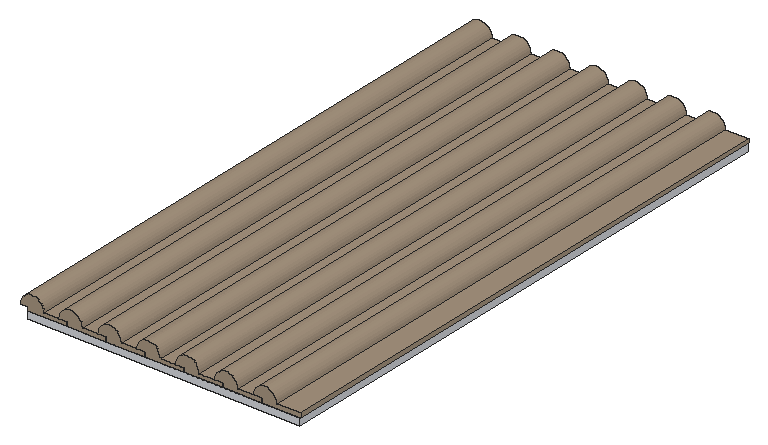
Revit family "Tambour Ellis 18  x 36", category Generic Models, host Face, Revit 2023
Family settings
  Host = Face
  Can host rebar = No
  Round Connector Dimension = Use Diameter
  Part Type = Normal
  Cut with Voids When Loaded = No
  Maintain Annotation Orientation = No
  Shared = No
  Room Calculation Point = No
Parameters (values of type "Tambour Ellis 18 x 36 - OAK")
  Tambour Material = Cambio Wood Veneer - Oak
  Default Elevation = 4' - 0"
Types (7): name | Tambour Material
  (no name) | Cambio Wood Veneer - Oak
  Tambour Ellis 18 x 36 - OAK | Cambio Wood Veneer - Oak
  Tambour Ellis 18 x 36 - WALNUT | Cambio Wood Veneer - Walnut
  Tambour Ellis 18 x 36 - SW MATTE BLACK | Cambio Color Block - Tricorn Black
  Tambour Ellis 18 x 36 - SW MATTE WHITE | Cambio Color Block - White Flour
  Tambour Ellis 18 x 36 - SW MATTE GRAY | Cambio Color Block - Serious Gray
  Tambour Ellis 18 x 36 - SW MATTE LIGHT GRAY | Cambio Color Block - Morning Fog
Reference planes (in)
  plane 1 "Center (Front/Back)": y = 0
  plane 2: z = 0
  plane 3 "Center (Left/Right)": x = 0
  plane 4 "Face of Substrate": z = 0.47244
Dimensions and locks (in)
  aligned and locked: plane 2 to host face
  aligned and locked: level to host face
Nested families (in)
  nested 1: "17.5 x 36 Substrate" at (0, 0, 0), type "17.5 x 36 Substrate"
  nested 2: "Tambour Ellis Stick" at (-8.5, 0, 0.47244), type "TAMBOUR .75 - 36""
    with STICK LENGTH 3' - 0"
  nested 3: "Tambour Ellis Stick" at (-6, 0, 0.47244), type "TAMBOUR .75 - 36""
    with STICK LENGTH 3' - 0"
  nested 4: "Tambour Ellis Stick" at (-3.5, 0, 0.47244), type "TAMBOUR .75 - 36""
    with STICK LENGTH 3' - 0"
  nested 5: "Tambour Ellis Stick" at (-1, 0, 0.47244), type "TAMBOUR .75 - 36""
    with STICK LENGTH 3' - 0"
  nested 6: "Tambour Ellis Stick" at (1.5, 0, 0.47244), type "TAMBOUR .75 - 36""
    with STICK LENGTH 3' - 0"
  nested 7: "Tambour Ellis Stick" at (4, 0, 0.47244), type "TAMBOUR .75 - 36""
    with STICK LENGTH 3' - 0"
  nested 8: "Tambour Ellis Stick" at (6.5, 0, 0.47244), type "TAMBOUR .75 - 36""
    with STICK LENGTH 3' - 0"
Definition of nested family "17.5 x 36 Substrate"
  Parameters (values of type "17.5 x 36 Substrate")
    Width = 1' - 5 1/2"
    Substrate Material = none
    Substrate Height = 1' - 3"
    Height = 3' - 0"
    Default Elevation = 4' - 0"
  Reference planes (in)
    plane 1 "Center (Front/Back)": y = 0
    plane 2: z = 0
    plane 3 "Center (Left/Right)": x = 0
    plane 4: x = -9
  Forms (in)
    Extrusion 1, solid
      sketch origin (0, 0, 0) x (1, 0, 0) y (0, 1, 0)
        loop
          line (-48, 48) -> (-48, -48) -> (48, -48) -> (48, 48) -> (-48, 48)
      from 0 to -12
    Extrusion 2, solid, material <- "Substrate Material"
      sketch origin (0, 0, 0) x (1, 0, 0) y (0, 1, 0)
        loop
          line (-8.5, 18) -> (-8.5, -18) -> (9, -18) -> (9, 18) -> (-8.5, 18)
      from 0 to 0.47244
  Dimensions and locks (in)
    plane 4 to plane 3 "Center (Left/Right)" to Extrusion 2 sketch curve = 0' - 9", 0' - 9"
    equal spacing: Extrusion 2 sketch curve, plane 1 "Center (Front/Back)", Extrusion 2 sketch curve
    "Height": Extrusion 2 to Extrusion 2
    "Width": Extrusion 2 to Extrusion 2
    locked: plane 4 to Extrusion 2 sketch curve at 0.5
    aligned and locked: plane 2 to Extrusion 1
    aligned and locked: level to Extrusion 1
  Automatic sketch dimensions
    Extrusion 1 sketch curve to Extrusion 1 sketch curve = 8' - 0"  (x2)
    plane 1 "Center (Front/Back)" to Extrusion 2 sketch curve = 1' - 6"
Definition of nested family "Tambour Ellis Stick"
  Parameters (values of type "TAMBOUR .75 X 18" - OAK")
    TAMBOUR MATERIAL = none
    STICK LENGTH = 1' - 6"
    Default Elevation = 4' - 0"
  Types (25): name | STICK LENGTH
    (no name) | 1' - 6"
    TAMBOUR .75 X 18" - OAK | 1' - 6"
    TAMBOUR .75 X 36" - OAK | 3' - 0"
    TAMBOUR .75 X 54" - OAK | 4' - 6"
    TAMBOUR .75 X 90" - WALNUT | 7' - 6"
    TAMBOUR .75 X 18" - WALNUT | 1' - 6"
    TAMBOUR .75 X 36" - WALNUT | 3' - 0"
    TAMBOUR .75 X 54" - WALNUT | 4' - 6"
    TAMBOUR .75 X 90" - OAK | 7' - 6"
    TAMBOUR .75 X 18" - SW MATTE BLACK | 1' - 6"
    TAMBOUR .75 X 36" - SW MATTE BLACK | 3' - 0"
    TAMBOUR .75 X 54" - SW MATTE BLACK | 4' - 6"
    TAMBOUR .75 X 90" - SW MATTE BLACK | 7' - 6"
    TAMBOUR .75 X 90" - SW MATTE GREY | 7' - 6"
    TAMBOUR .75 X 54" - SW MATTE GREY | 4' - 6"
    TAMBOUR .75 X 36" - SW MATTE GREY | 4' - 6"
    TAMBOUR .75 X 18" - SW MATTE GREY | 1' - 6"
    TAMBOUR .75 X 18" -SW MATTE LIGHT GRAY | 1' - 6"
    TAMBOUR .75 X 36" -SW MATTE LIGHT GRAY | 3' - 0"
    TAMBOUR .75 X 54" -SW MATTE LIGHT GRAY | 4' - 6"
    TAMBOUR .75 X 90" -SW MATTE LIGHT GRAY | 7' - 6"
    TAMBOUR .75 X 90" -SW MATTE WHITE | 7' - 6"
    TAMBOUR .75 X 54" -SW MATTE WHITE | 4' - 6"
    TAMBOUR .75 X 36" -SW MATTE WHITE | 3' - 0"
    TAMBOUR .75 X 18" -SW MATTE WHITE | 1' - 6"
  Reference planes (in)
    plane 1 "Center (Front/Back)": y = 0
    plane 2: z = 0
    plane 3 "Center (Left/Right)": x = 0
    plane 4: y = -9
    plane 5: y = 9
  Forms (in)
    Extrusion 1, solid
      sketch origin (0, 0, 0) x (1, 0, 0) y (0, 1, 0)
        loop
          line (-48, 48) -> (-48, -48) -> (48, -48) -> (48, 48) -> (-48, 48)
      from 0 to -12
    Extrusion 2, solid, material <- "TAMBOUR MATERIAL"
      sketch origin (0, 0, 0) x (1, 0, 0) y (0, 0, 1)
        loop
          line (0, 0) -> (2.5, 0) -> (2.5, 0.25) -> (1, 0.25)
          arc (1, 0.25) -> (0.25, 1) -> (-0.5, 0.25) r 0.75
          line (-0.5, 0.25) -> (0, 0.25) -> (0, 0)
      from -9 to 9
  Dimensions and locks (in)
    equal spacing: plane 5, plane 1 "Center (Front/Back)", plane 4
    "STICK LENGTH": plane 5 to plane 4
    aligned and locked: plane 2 to Extrusion 1
    aligned and locked: level to Extrusion 1
    aligned and locked: Extrusion 2 to plane 4
    aligned and locked: plane 5 to Extrusion 2
  Automatic sketch dimensions
    Extrusion 1 sketch curve to Extrusion 1 sketch curve = 8' - 0"  (x2)
    Extrusion 2 sketch curve to plane 3 "Center (Left/Right)" = 0' - 0"
    Extrusion 2 sketch curve to level = 0' - 0"
    Extrusion 2 sketch curve to Extrusion 2 sketch curve = 0' - 0 1/2"
    plane 3 "Center (Left/Right)" to Extrusion 2 sketch curve = 0' - 0 1/4"
    level to Extrusion 2 sketch curve = 0' - 0 1/4"
    Extrusion 2 sketch curve to Extrusion 2 sketch curve = 0' - 1 1/2"
